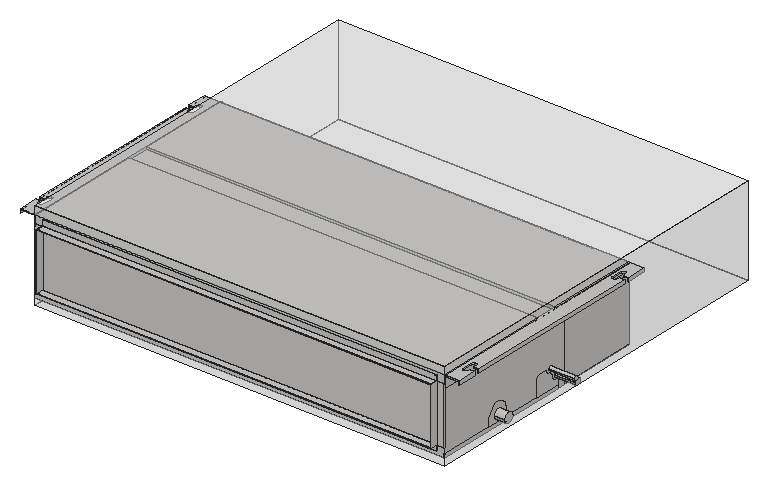
Revit family "outputfile", category 機械設備, Revit 2024
Family settings
  丸型コネクタ寸法 = 半径を使用
  パーツ タイプ = 標準
  OmniClass 番号 = 23.75.10.24.21.27.27
  OmniClass タイトル = Split System Air Conditioning Units
  作業面ベース = いいえ
  常に垂直 = はい
  ロード時にボイドで切り取り = いいえ
  注釈の向きを維持 = いいえ
  共有 = いいえ
  部屋計算ポイント = はい
Parameters (values of type "FDLF24EV2S")
  書き出し IFC クラス(タイプ) = "IfcUnitaryEquipmentType"
  定義済み IFC タイプ(タイプ) = "AIRCONDITIONINGUNIT"
  switch_frequency = yes
  ld_powersupply = Depth / 2  # 310 mm
  connector_voltage = Voltage_50Hz  # 220 V
  connector_powerinput = [Power Input (Cooling)]  # 2.230 kW
  connector_phase = Phase_50Hz  # 1
  angle_liquidpipe [instance] = if(Right Connection_refrigerant, 90.00°, 270.00°)  # 90.00°
  angle_gaspipe [instance] = if(Right Connection_refrigerant, 90.00°, 270.00°)  # 90.00°
  angle_drainpipe [instance] = if(Right Connection_refrigerant, 90.00°, 270.00°)  # 90.00°
  Right Connection_refrigerant [instance] = yes
  製造元 = "Daikin"
  モデル = "FDLF24EV2S"
  r_Liquid Pipe Size = Liquid Pipe Size / 2  # 4.75 mm
  r_Gas Pipe Size = Gas Pipe Size / 2  # 7.95 mm
  r_Drain Pipe Size = Drain Pipe Size / 2  # 12.5 mm
  lw_powersupply = 50 mm  # constant formula
  lw_ductflange2 = 1003 mm
  lw_Width = 1060 mm
  lh_suctionflange [instance] = 100 mm  # constant formula
  ld_suctionflange [instance] = if(Rear Connection_Return Air, 190.25 mm, 100.25 mm)  # 190.25 mm
  angle_vertical_RA [instance] = if(Rear Connection_Return Air, 90.00°, 0.00°)  # 90.00°
  angle horizontal_RA [instance] = if(Rear Connection_Return Air, 180.00°, 270.00°)  # 180.00°
  Voltage_comment_50Hz = "220 - 240"
  Voltage_50Hz = 220 V
  Supply Air Direction [instance] = yes
  Rear Connection_Return Air [instance] = not(Bottom Connection_Return Air)  # yes
  RA_length [instance] = if(Rear Connection_Return Air, 190.25 mm, 100 mm)  # 190.25 mm
  Phase_50Hz = 1
  Minimum External Static Pressure = 15.00 Pa
  Maximum External Static Pressure = 38.00 Pa
  Material_Casing = DAIKIN_GalvanizedSteel_Casing_indoorunit
  lw_liquidpipe = 621 mm
  lw_gaspipe = 608 mm
  lw_mountinghole = 1140 mm
  lw_drainpipe = 580 mm
  lh_powersupply = 150 mm  # constant formula
  lh_liquidpipe = 138 mm  # constant formula
  lh_gaspipe = 160 mm  # constant formula
  lh_mountinghole = Height  # 200 mm
  lh_drainpipe = 170 mm  # constant formula
  lh_antena = 1 mm  # constant formula
  ld_liquidpipe = 353 mm  # constant formula
  ld_gaspipe = 375 mm  # constant formula
  ld_mountinghole = 500 mm  # constant formula
  ld_drainpipe = 178 mm  # constant formula
  ld_controlbox = 626 mm  # constant formula
  h*** = 0 mm  # constant formula
  d_dischargeflange = 21.2 mm  # constant formula
  Width = 1100 mm
  Version = "ver.1.0"
  Unit Type = "Duct"
  Unit Mass Weight = 31.00 kg
  Unit Designation [instance] = ""
  Uniclass2015Version = "Products v1.30"
  Uniclass2015Title = "Split coil room air conditioning units"
  Uniclass2015Code = "Pr_70_65_03_86"
  Total Cooling Capacity [instance] = 0.000 kW
  Sound Pressure Level_M speed (dBA) = 37
  Sound Pressure Level_L speed (dBA) = 34
  Sound Pressure Level_H speed (dBA) = 40
  Series = "SkyAir_Fan Coil Unit"
  Sensible Cooling Capacity [instance] = 0.000 kW
  SA Duct Size Width = 1060 mm
  SA Duct Size Height = 153 mm
  Refrigerant Type = "R32"
  RA Duct Size Width = 961 mm
  RA Duct Size Height = 160 mm
  Power Input (Cooling) = 2.230 kW
  Option Accessory 3 [instance] = ""
  Option Accessory 2 [instance] = ""
  Option Accessory 1 [instance] = ""
  Nominal Cooling Capacity = 7.000 kW
  Minimum Airflow = 990.00 m³/h
  Median Airflow = 1080.00 m³/h
  Maximum Airflow = 1200.00 m³/h
  Load Classification = HVAC
  Liquid Pipe Size = 9.5 mm
  Link_Nested Family [instance] = ""
  Left Connection_refrigerant [instance] = not(Right Connection_refrigerant)  # no
  IfcVersion = ""
  IfcExportType = "AIRCONDITIONINGUNIT"
  IfcExportAs = "IfcUnitaryEquipmentType"
  Height = 200 mm
  Heat Exchanger Type = "Cross Fin Coil"
  Gas Pipe Size = 15.9 mm
  Frequency_50Hz = 50 Hz
  Fan Type = "Sirocco Fan"
  Fan Drive = "Direct Drive"
  FCU Tag No. [instance] = ""
  Drain Pipe Size = 25.0 mm
  Design Supply Airflow [instance] = 0.00 m³/h
  Design Return Airflow [instance] = 0.00 m³/h
  Design External Static Pressure [instance] = 0.00 Pa
  Depth = 620 mm
  既定の高さ = 0 mm
  Cooling Entering Wet Bulb Temperature [instance] = 0.00 °C
  Cooling Entering Dry Bulb Temperature [instance] = 0.00 °C
  Cooling Ambient Wet Bulb Temperature [instance] = 0.00 °C
  Cooling Ambient Dry Bulb Temperature [instance] = 0.00 °C
  Clearance visibility [instance] = yes
  Clearance Top = 20 mm
  Clearance Right = 0 mm
  Clearance Rear = 400 mm
  Clearance Left = 0 mm
  Clearance Front = 0 mm
  Clearance Bottom = 20 mm
  Bottom Connection_Return Air [instance] = no
Reference planes
  plane 1 "Center (Front/Back)": y = 0
  plane 2: z = 0
  plane 3 "Center (Left/Right)": x = 0
  plane 4 "Back": y = 310
  plane 5 "Front": y = -310
  plane 6 "Left": x = -550
  plane 7 "Right": x = 550
  plane 8 "Top": z = 0
  plane 9 "Bottom": z = -200
  plane 10: x = -570
  plane 11: x = 570
  plane 12: y = 250
  plane 13: z = 0
  plane 14 "Clearance Left": x = -550
  plane 15 "Clearance Right": x = 550
  plane 16 "Clearance Rear": y = 710
  plane 17 "Clearance Front": y = -310
  plane 18 "Clearance Top": z = 20
  plane 19 "Clearance Bottom": z = -220
  plane 20: y = -250
  plane 21: z = -21
  plane 22: z = -97.5
  plane 23: x = -48.5
  plane 24: y = 119.75
  plane 25: z = -100
  plane 26: y = 65
  plane 27: z = -160
  plane 28: y = 43
  plane 29: z = -138
  plane 30: y = -132
  plane 31: z = -170
  plane 32: x = 608
  plane 33: x = 621
  plane 34: x = 580
  plane 35: x = 500
  plane 36: z = -150
  plane 37: x = -580
  plane 38: x = -621
  plane 39: x = -608
Forms (mm)
  Extrusion 1, solid, material "DAIKIN_GalvanizedSteel_Casing_indoorunit" <- "Material_Casing"
    sketch origin (0, 0, 0) x (1, 0, 0) y (0, 1, 0)
      loop
        line (-550, -310) -> (550, -310) -> (550, 310) -> (-550, 310) -> (-550, -310)
    from -200 to 0
  Extrusion 2, void
    sketch origin (0, 0, 1) x (1, 0, 0) y (0, 1, 0)
      loop
        line (-550, 61.5) -> (-550, 3.5) -> (550, 3.5) -> (550, 61.5) -> (-550, 61.5)
    from -1 to -7
  Extrusion 3, solid, material "DAIKIN_GalvanizedSteel_Casing_indoorunit" <- "Material_Casing", visible <- "Bottom Connection_Return Air"
    sketch origin (0, 0, 0) x (1, 0, 0) y (0, 0, 1)
      loop
        line (452, -199.25) -> (452, -0.75) -> (-549, -0.75) -> (-549, -199.25) -> (452, -199.25)
    from -310 to -309
  Extrusion 4, solid, material "DAIKIN_GalvanizedSteel_Casing_indoorunit" <- "Material_Casing", visible <- "Rear Connection_Return Air"
    sketch origin (0, 0, 0) x (1, 0, 0) y (0, 1, 0)
      loop
        line (-549, 309) -> (-549, 110.5) -> (452, 110.5) -> (452, 309) -> (-549, 309)
    from -200 to -199
  Extrusion 5, solid, material "DAIKIN_GalvanizedSteel_Casing_indoorunit" <- "Material_Casing", visible <- "Right Connection_refrigerant"
    sketch origin (550, 0, 0) x (0, 1, 0) y (0, 0, 1)
      loop
        circle (65, -160) r 7.95
    from 0 to 58
  Extrusion 6, solid, material "DAIKIN_GalvanizedSteel_Casing_indoorunit" <- "Material_Casing", visible <- "Right Connection_refrigerant"
    sketch origin (550, 0, 0) x (0, 1, 0) y (0, 0, 1)
      loop
        circle (43, -138) r 4.75
    from 0 to 71
  Extrusion 7, solid, material "DAIKIN_GalvanizedSteel_Casing_indoorunit" <- "Material_Casing", visible <- "Right Connection_refrigerant"
    sketch origin (550, 0, 0) x (0, 1, 0) y (0, 0, 1)
      loop
        line (-310, -200) -> (70, -200) -> (70, -190) -> (-310, -190) -> (-310, -200)
    from 0 to -1
  Extrusion 8, solid, material "DAIKIN_GalvanizedSteel_Casing_indoorunit" <- "Material_Casing", visible <- "Right Connection_refrigerant"
    sketch origin (550, 0, 0) x (0, 1, 0) y (0, 0, 1)
      loop
        arc (96, -27.5) -> (93.879, -28.379) -> (93, -30.5) r 3
        line (93, -30.5) -> (93, -194.5)
        arc (93, -194.5) -> (93.879, -196.621) -> (96, -197.5) r 3
        line (96, -197.5) -> (310, -197.5) -> (310, -27.5) -> (96, -27.5)
    from 0 to -1
  Extrusion 9, solid, material "DAIKIN_GalvanizedSteel_Casing_indoorunit" <- "Material_Casing", visible <- "Right Connection_refrigerant"
    sketch origin (550, 0, 0) x (0, 1, 0) y (0, 0, 1)
      loop
        arc (-104, -170) -> (-132, -142) -> (-160, -170) r 28
        line (-160, -170) -> (-160, -190) -> (-104, -190) -> (-104, -170)
    from 0 to -1
  Extrusion 10, solid, material "DAIKIN_GalvanizedSteel_Casing_indoorunit" <- "Material_Casing", visible <- "Right Connection_refrigerant"
    sketch origin (550, 0, 0) x (0, 1, 0) y (0, 0, 1)
      loop
        line (70, -190) -> (70, -174.671)
        arc (70, -174.671) -> (54.678, -171.563) -> (49.857, -156.691) r 15.5
        line (49.857, -156.691) -> (43.472, -150.991)
        arc (43.472, -150.991) -> (34.343, -147.698) -> (30.039, -139) r 13
        line (30.039, -139) -> (2, -139)
        arc (2, -139) -> (-0.121, -139.879) -> (-1, -142) r 3
        line (-1, -142) -> (-1, -190) -> (70, -190)
    from 0 to -1
  Extrusion 11, solid, material "DAIKIN_GalvanizedSteel_Casing_indoorunit" <- "Material_Casing", visible <- "Left Connection_refrigerant"
    sketch origin (-550, 0, 0) x (0, 1, 0) y (0, 0, 1)
      loop
        line (-310, -200) -> (70, -200) -> (70, -190) -> (-310, -190) -> (-310, -200)
    from 0 to -1
  Extrusion 12, solid, material "DAIKIN_GalvanizedSteel_Casing_indoorunit" <- "Material_Casing", visible <- "Left Connection_refrigerant"
    sketch origin (-550, 0, 0) x (0, 1, 0) y (0, 0, 1)
      loop
        arc (96, -27.5) -> (93.879, -28.379) -> (93, -30.5) r 3
        line (93, -30.5) -> (93, -194.5)
        arc (93, -194.5) -> (93.879, -196.621) -> (96, -197.5) r 3
        line (96, -197.5) -> (310, -197.5) -> (310, -27.5) -> (96, -27.5)
    from 0 to -1
  Extrusion 13, solid, material "DAIKIN_GalvanizedSteel_Casing_indoorunit" <- "Material_Casing", visible <- "Left Connection_refrigerant"
    sketch origin (-550, 0, 0) x (0, 1, 0) y (0, 0, 1)
      loop
        arc (-104, -170) -> (-132, -142) -> (-160, -170) r 28
        line (-160, -170) -> (-160, -190) -> (-104, -190) -> (-104, -170)
    from 0 to -1
  Extrusion 14, solid, material "DAIKIN_GalvanizedSteel_Casing_indoorunit" <- "Material_Casing", visible <- "Left Connection_refrigerant"
    sketch origin (-550, 0, 0) x (0, 1, 0) y (0, 0, 1)
      loop
        line (70, -190) -> (70, -174.671)
        arc (70, -174.671) -> (54.678, -171.563) -> (49.857, -156.691) r 15.5
        line (49.857, -156.691) -> (43.472, -150.991)
        arc (43.472, -150.991) -> (34.343, -147.698) -> (30.039, -139) r 13
        line (30.039, -139) -> (2, -139)
        arc (2, -139) -> (-0.121, -139.879) -> (-1, -142) r 3
        line (-1, -142) -> (-1, -190) -> (70, -190)
    from 0 to -1
  Extrusion 15, solid, material "DAIKIN_GalvanizedSteel_Casing_indoorunit" <- "Material_Casing", visible <- "Left Connection_refrigerant"
    sketch origin (-550, 0, 0) x (0, 1, 0) y (0, 0, 1)
      loop
        circle (43, -138) r 4.75
    from -71 to 0
  Extrusion 16, solid, material "DAIKIN_GalvanizedSteel_Casing_indoorunit" <- "Material_Casing", visible <- "Left Connection_refrigerant"
    sketch origin (-550, 0, 0) x (0, 1, 0) y (0, 0, 1)
      loop
        circle (65, -160) r 7.95
    from -58 to 0
  Extrusion 17, solid, material "DAIKIN_GalvanizedSteel_Casing_indoorunit" <- "Material_Casing", visible <- "Left Connection_refrigerant"
    sketch origin (-550, 0, 0) x (0, 1, 0) y (0, 0, 1)
      loop
        circle (-132, -170) r 12.5
    from -30 to 0
  Extrusion 18, solid, material "DAIKIN_GalvanizedSteel_Casing_indoorunit" <- "Material_Casing", visible <- "Right Connection_refrigerant"
    sketch origin (550, 0, 0) x (0, 1, 0) y (0, 0, 1)
      loop
        circle (-132, -170) r 12.5
    from 0 to 30
Cuts and joins
  Extrusion 2 cuts Extrusion 1
Dimensions and locks
  "Height": plane 8 "Top" to plane 9 "Bottom"
  equal spacing: plane 10, plane 3 "Center (Left/Right)", plane 11
  "lw_mountinghole": plane 10 to plane 11
  equal spacing: plane 6 "Left", plane 3 "Center (Left/Right)", plane 7 "Right"
  "Width": plane 6 "Left" to plane 7 "Right"
  "Clearance Right": plane 7 "Right" to plane 15 "Clearance Right"
  "Clearance Left": plane 14 "Clearance Left" to plane 6 "Left"
  "Clearance Rear": plane 16 "Clearance Rear" to plane 4 "Back"
  "Clearance Front": plane 5 "Front" to plane 17 "Clearance Front"
  "Clearance Top": plane 18 "Clearance Top" to plane 8 "Top"
  "Clearance Bottom": plane 9 "Bottom" to plane 19 "Clearance Bottom"
  "Depth": plane 4 "Back" to plane 5 "Front"
  equal spacing: plane 4 "Back", plane 1 "Center (Front/Back)", plane 5 "Front"
  Extrusion 3 sketch curve to Extrusion 3 sketch curve = 198.5 mm
  locked: plane 20 to plane 5 "Front" at 60
  "ld_mountinghole": plane 12 to plane 20
  locked: plane 8 "Top" to plane 21 at 21
  locked: plane 23 to plane 3 "Center (Left/Right)" at 48.5
  "ld_suctionflange": plane 4 "Back" to plane 24
  "lh_suctionflange": plane 8 "Top" to plane 25
  "ld_gaspipe": plane 26 to plane 5 "Front"
  "lh_gaspipe": plane 8 "Top" to plane 27
  "ld_liquidpipe": plane 28 to plane 5 "Front"
  "lh_liquidpipe": plane 8 "Top" to plane 29
  "ld_drainpipe": plane 30 to plane 5 "Front"
  "lh_drainpipe": plane 8 "Top" to plane 31
  "lw_powersupply": plane 35 to plane 7 "Right"
  "lh_powersupply": plane 8 "Top" to plane 36
  "lw_gaspipe": plane 3 "Center (Left/Right)" to plane 32
  "lw_liquidpipe": plane 3 "Center (Left/Right)" to plane 33
  "lw_drainpipe": plane 3 "Center (Left/Right)" to plane 34
  "lw_liquidpipe": plane 38 to plane 3 "Center (Left/Right)"
  "lw_gaspipe": plane 39 to plane 3 "Center (Left/Right)"
  "lw_drainpipe": plane 37 to plane 3 "Center (Left/Right)"
  "r_Gas Pipe Size": radius of Extrusion 5 sketch curve
  "r_Liquid Pipe Size": radius of Extrusion 6 sketch curve
  "r_Liquid Pipe Size": radius of Extrusion 15 sketch curve
  "r_Gas Pipe Size": radius of Extrusion 16 sketch curve
  "r_Drain Pipe Size": radius of Extrusion 17 sketch curve
  "r_Drain Pipe Size": radius of Extrusion 18 sketch curve
  aligned and locked: level to plane 2
  aligned and locked: Extrusion 1 to plane 9 "Bottom"
  aligned and locked: plane 8 "Top" to Extrusion 1
  aligned and locked: plane 11 to nested 2
  aligned and locked: plane 10 to nested 3
  aligned and locked: plane 10 to nested 4
  aligned and locked: plane 8 "Top" to Extrusion 2
  aligned and locked: plane 9 "Bottom" to Extrusion 4  (x2)
  aligned and locked: plane 7 "Right" to cut or joined group of Extrusion 1, Extrusion 2  (x2)
  aligned and locked: plane 3 "Center (Left/Right)" to nested 9
  aligned and locked: plane 6 "Left" to nested 7
  aligned and locked: plane 8 "Top" to nested 9
  aligned and locked: plane 11 to nested 1
  aligned and locked: nested 6 to plane 1 "Center (Front/Back)"
  aligned and locked: plane 3 "Center (Left/Right)" to nested 6
  aligned and locked: level to plane 8 "Top"
  aligned and locked: plane 1 "Center (Front/Back)" to nested 9
  aligned and locked: plane 5 "Front" to nested 10
  aligned and locked: Extrusion 1 sketch curve to plane 5 "Front"
  aligned and locked: plane 21 to nested 10
  aligned and locked: nested 5 to plane 5 "Front"
  aligned and locked: plane 3 "Center (Left/Right)" to nested 5
  aligned and locked: plane 22 to nested 5
  aligned and locked: Extrusion 2 sketch curve to plane 6 "Left"
  aligned and locked: plane 7 "Right" to Extrusion 2 sketch curve
  aligned and locked: nested 11 to plane 23
  aligned and locked: nested 11 to plane 24
  aligned and locked: plane 27 to Extrusion 5 sketch curve
  aligned and locked: plane 26 to Extrusion 5 sketch curve
  aligned and locked: plane 28 to Extrusion 6 sketch curve
  aligned and locked: plane 29 to Extrusion 6 sketch curve
  aligned and locked: plane 32 to Extrusion 5
  aligned and locked: plane 33 to Extrusion 6
  aligned and locked: Extrusion 7 sketch curve to plane 9 "Bottom"
  aligned and locked: Extrusion 7 sketch curve to plane 5 "Front"
  aligned and locked: plane 14 "Clearance Left" to nested 12
  aligned and locked: plane 15 "Clearance Right" to nested 12
  aligned and locked: plane 16 "Clearance Rear" to nested 12
  aligned and locked: nested 12 to plane 17 "Clearance Front"
  aligned and locked: nested 12 to plane 18 "Clearance Top"
  aligned and locked: nested 12 to plane 19 "Clearance Bottom"
  aligned and locked: nested 13 to plane 35
  aligned and locked: nested 13 to plane 36
  aligned and locked: plane 4 "Back" to nested 13
  aligned and locked: nested 14 to plane 26
  aligned and locked: plane 3 "Center (Left/Right)" to nested 14
  aligned and locked: nested 14 to plane 27
  aligned and locked: nested 15 to plane 28
  aligned and locked: plane 3 "Center (Left/Right)" to nested 15
  aligned and locked: nested 15 to plane 29
  aligned and locked: nested 16 to plane 30
  aligned and locked: plane 3 "Center (Left/Right)" to nested 16
  aligned and locked: nested 16 to plane 31
  aligned and locked: plane 29 to Extrusion 15 sketch curve
  aligned and locked: plane 28 to Extrusion 15 sketch curve
  aligned and locked: Extrusion 15 to plane 38
  aligned and locked: plane 6 "Left" to Extrusion 15
  aligned and locked: plane 26 to Extrusion 16 sketch curve
  aligned and locked: plane 27 to Extrusion 16 sketch curve
  aligned and locked: Extrusion 16 to plane 39
  aligned and locked: plane 6 "Left" to Extrusion 16
  aligned and locked: plane 30 to Extrusion 17 sketch curve
  aligned and locked: Extrusion 17 to plane 37
  aligned and locked: plane 6 "Left" to Extrusion 17
  aligned and locked: Extrusion 5 to plane 7 "Right"
  aligned and locked: Extrusion 6 to plane 7 "Right"
  aligned and locked: plane 30 to Extrusion 18 sketch curve
  aligned and locked: plane 31 to Extrusion 18 sketch curve
  aligned and locked: plane 34 to Extrusion 18
  aligned and locked: Extrusion 18 to plane 7 "Right"
Automatic sketch dimensions
  Extrusion 1 sketch curve to plane 4 "Back" = 0 mm
  Extrusion 1 sketch curve to plane 6 "Left" = 0 mm
  Extrusion 1 sketch curve to plane 7 "Right" = 0 mm
  Extrusion 2 sketch curve to plane 1 "Center (Front/Back)" = 3.5 mm
  Extrusion 2 sketch curve to plane 26 = 3.5 mm
  plane 9 "Bottom" to Extrusion 3 sketch curve = 0.75 mm
  plane 6 "Left" to Extrusion 3 sketch curve = 1 mm
  Extrusion 3 sketch curve to plane 35 = 48 mm
  Extrusion 4 sketch curve to plane 4 "Back" = 1 mm
  plane 6 "Left" to Extrusion 4 sketch curve = 1 mm
  Extrusion 4 sketch curve to plane 35 = 48 mm
  Extrusion 4 sketch curve to plane 24 = 9.25 mm
  plane 26 to Extrusion 7 sketch curve = 5 mm
  Extrusion 7 sketch curve to Extrusion 7 sketch curve = 10 mm
  Extrusion 8 sketch curve to plane 21 = 9.5 mm
  Extrusion 8 sketch curve to plane 24 = 23.75 mm  (x2)
  plane 9 "Bottom" to Extrusion 8 sketch curve = 5.5 mm
  Extrusion 8 sketch curve to Extrusion 8 sketch curve = 3 mm
  Extrusion 9 sketch curve to plane 31 = 0 mm
  Extrusion 9 sketch curve to plane 30 = 0 mm
  plane 9 "Bottom" to Extrusion 9 sketch curve = 10 mm
  Extrusion 9 sketch curve to plane 30 = 28 mm
  Extrusion 10 sketch curve to plane 28 = 0 mm
  Extrusion 10 sketch curve to plane 26 = 0 mm
  Extrusion 10 sketch curve to plane 27 = 0 mm
  Extrusion 10 sketch curve to plane 29 = 0 mm
  Extrusion 10 sketch curve to plane 29 = 1 mm
  Extrusion 10 sketch curve to plane 28 = 12.961 mm
  Extrusion 10 sketch curve to plane 1 "Center (Front/Back)" = 2 mm
  plane 1 "Center (Front/Back)" to Extrusion 10 sketch curve = 1 mm
  plane 28 to Extrusion 10 sketch curve = 0.472 mm
  plane 27 to Extrusion 10 sketch curve = 3.309 mm
  plane 28 to Extrusion 10 sketch curve = 6.857 mm
  plane 26 to Extrusion 10 sketch curve = 5 mm
  plane 9 "Bottom" to Extrusion 10 sketch curve = 10 mm
  Extrusion 8 sketch curve to plane 4 "Back" = 0 mm
  Extrusion 17 sketch curve to plane 31 = 0 mm
  Extrusion 12 sketch curve to plane 4 "Back" = 0 mm
  plane 9 "Bottom" to Extrusion 12 sketch curve = 5.5 mm
  Extrusion 12 sketch curve to plane 24 = 23.75 mm  (x2)
  Extrusion 12 sketch curve to plane 21 = 6.5 mm
  Extrusion 12 sketch curve to Extrusion 12 sketch curve = 3 mm
  Extrusion 14 sketch curve to plane 28 = 0 mm
  Extrusion 14 sketch curve to plane 26 = 0 mm
  Extrusion 14 sketch curve to plane 27 = 0 mm
  Extrusion 14 sketch curve to plane 29 = 0 mm
  Extrusion 14 sketch curve to plane 29 = 1 mm
  Extrusion 14 sketch curve to plane 28 = 12.961 mm
  Extrusion 14 sketch curve to plane 1 "Center (Front/Back)" = 2 mm
  plane 1 "Center (Front/Back)" to Extrusion 14 sketch curve = 1 mm
  plane 28 to Extrusion 14 sketch curve = 0.472 mm
  plane 27 to Extrusion 14 sketch curve = 3.309 mm
  plane 28 to Extrusion 14 sketch curve = 6.857 mm
  plane 26 to Extrusion 14 sketch curve = 5 mm
  plane 9 "Bottom" to Extrusion 14 sketch curve = 10 mm
  Extrusion 11 sketch curve to plane 5 "Front" = 0 mm
  Extrusion 11 sketch curve to plane 9 "Bottom" = 0 mm
  plane 26 to Extrusion 11 sketch curve = 5 mm
  Extrusion 11 sketch curve to Extrusion 11 sketch curve = 10 mm
  Extrusion 13 sketch curve to plane 31 = 0 mm
  Extrusion 13 sketch curve to plane 30 = 0 mm
  plane 9 "Bottom" to Extrusion 13 sketch curve = 10 mm
  Extrusion 13 sketch curve to plane 30 = 28 mm
Nested families
  nested 1: "daikin_mountinghole" at (570, 250, -200), l_antenna <- "lh_antena", Link_Nested Family <- "Link_Nested Family", h_mountinghole <- "lh_mountinghole", type "daikin_mountinghole"
    with show yes, l_antenna 1 mm, h_mountinghole 200 mm, Link_Nested Family ""
  nested 2: "daikin_mountinghole" at (570, -250, -200), Link_Nested Family <- "Link_Nested Family", l_antenna <- "lh_antena", h_mountinghole <- "lh_mountinghole", type "daikin_mountinghole"
    with show yes, l_antenna 1 mm, h_mountinghole 200 mm, Link_Nested Family ""
  nested 3: "daikin_mountinghole" at (-570, -250, -200), l_antenna <- "lh_antena", Link_Nested Family <- "Link_Nested Family", h_mountinghole <- "lh_mountinghole", type "daikin_mountinghole"
    with show yes, l_antenna 1 mm, h_mountinghole 200 mm, Link_Nested Family ""
  nested 4: "daikin_mountinghole" at (-570, 250, -200), l_antenna <- "lh_antena", Link_Nested Family <- "Link_Nested Family", h_mountinghole <- "lh_mountinghole", type "daikin_mountinghole"
    with show yes, l_antenna 1 mm, h_mountinghole 200 mm, Link_Nested Family ""
  nested 5: "daikin_connector_rotate2" at (0, -310, -97.5), length <- "d_dischargeflange", type "daikin_connector_rotate2"
    with radius 10 mm, length 21.2 mm, angle_vertical 90.00°, show_face no
  nested 6: "daikin_△_symbolicline" at (-75, -129.904, 200) x (-0.5, 0.866, 0) z (0, 0, 1), built-in parameter 1001364 <- "Height", visible <- "Supply Air Direction", type "daikin_△_symbolicline"
    with length 300 mm
  nested 7: "daikin_ductflange_FDLF-EV2S_1" at (-48.5, 310, -100), visible <- "Rear Connection_Return Air", material <- "Material_Casing", width <- "lw_ductflange2", type "daikin_ductflange_FDLF-EV2S_1"
    with width 1003 mm, material DAIKIN_GalvanizedSteel_Casing_indoorunit, height 180 mm, depth 21.2 mm
  nested 8: "daikin_ductflange_FDLF-EV2S_1" at (-48.5, 209.75, -200) x (1, 0, 0) z (0, 1, 0), visible <- "Bottom Connection_Return Air", material <- "Material_Casing", width <- "lw_ductflange2", type "daikin_ductflange_FDLF-EV2S_1"
    with width 1003 mm, material DAIKIN_GalvanizedSteel_Casing_indoorunit, height 180 mm, depth 21.2 mm
  nested 9: "daikin_hangerfixture_FDLF-EV2S" at (0, 0, 0), type "daikin_hangerfixture_FDLF-EV2S"
    with width 1100 mm
  nested 10: "daikin_ductflange_FDLF-EV2S" at (0, 3.5, -364.201), width <- "lw_Width", material <- "Material_Casing", type "daikin_ductflange_FDLF-EV2S"
    with width 1060 mm, material DAIKIN_GalvanizedSteel_Casing_indoorunit, height 155 mm, depth 21.2 mm
  nested 11: "daikin_connector_rotate3" at (-48.5, 119.75, -100), length <- "RA_length", angle_vertical <- "angle_vertical_RA", angle_horizontal <- "angle horizontal_RA", type "daikin_connector_rotate3"
    with show no, radius 10 mm, length 190.25 mm, angle_vertical 90.00°, angle_horizontal 180.00°
  nested 12: "daikin_clearancespace" at (0, 200, -99.881), visible <- "Clearance visibility", Link_Nested Family <- "Link_Nested Family", show <- "Clearance visibility", type "daikin_clearancespace"
    with width 1100 mm, show yes, height 240 mm, depth 1020 mm, Link_Nested Family ""
  nested 13: "daikin_connector_rotate2" at (500, 0, -150) x (-1, 0, 0) z (0, 0, 1), length <- "ld_powersupply", type "daikin_connector_rotate2"
    with radius 10 mm, length 310 mm, angle_vertical 90.00°, show_face no
  nested 14: "daikin_connector_rotate3" at (0, 65, -160), angle_vertical <- "angle_gaspipe", radius <- "r_Gas Pipe Size", length <- "lw_gaspipe", type "daikin_connector_rotate3"
    with show no, radius 7.95 mm, length 608 mm, angle_vertical 90.00°, angle_horizontal 90.00°
  nested 15: "daikin_connector_rotate3" at (0, 43, -138), angle_vertical <- "angle_liquidpipe", length <- "lw_liquidpipe", radius <- "r_Liquid Pipe Size", type "daikin_connector_rotate3"
    with show no, radius 4.75 mm, length 621 mm, angle_vertical 90.00°, angle_horizontal 90.00°
  nested 16: "daikin_connector_rotate3" at (0, -132, -170), angle_vertical <- "angle_drainpipe", length <- "lw_drainpipe", radius <- "r_Drain Pipe Size", type "daikin_connector_rotate3"
    with show no, radius 12.5 mm, length 580 mm, angle_vertical 90.00°, angle_horizontal 90.00°
Connectors
  hvac at (0, -331.2, -97.5), driven by "SA Duct Size Height", driven by "SA Duct Size Width"
    settings: on nested 5, index 1, duct flow 0.00 m³/h, flow factor 0, pres drop 0.00 Pa, loss coef 0, conn angle 0.00°, conn width 1060.0 mm, conn height 153.0 mm, conn diameter 609.6 mm, duct sys type 1, conn prof type 1, flow config 0, flow direction 2, loss method 4, conn ref index -1, conn util no, is conn primary yes, conn desc "SA Duct"
  hvac at (-48.5, 310, -100), driven by "RA Duct Size Height", driven by "RA Duct Size Width"
    settings: on nested 11, index 2, duct flow 0.00 m³/h, flow factor 0, pres drop 0.00 Pa, loss coef 0, conn angle 0.00°, conn width 961.0 mm, conn height 160.0 mm, conn diameter 609.6 mm, duct sys type 2, conn prof type 1, flow config 0, flow direction 1, loss method 4, conn ref index -1, conn util no, is conn primary no, conn desc "RA Duct"
  electrical at (500, 310, -150), driven by "Load Classification", driven by "connector_powerinput", driven by "connector_phase", driven by "connector_voltage"
    settings: on nested 13, index 6, voltage 220 V, apparent load 2230 VA, apparent load phase1 0 VA, apparent load phase2 0 VA, apparent load phase3 0 VA, power factor 1, load classification "HVAC", number of poles 1, system type 30, power factor state 1, is connector primary yes, connector utility no, sub classification motor no, connector description "Power Supply"
  piping at (608, 65, -160), diameter 15.9, driven by "r_Gas Pipe Size"
    settings: on nested 14, index 7, connector inside diameter 609.6 mm, connector length 0 mm, flow factor 0, pipe flow 0.00 m³/h, pressure drop 0.0 Pa, fitting loss kfactor 0, connector angle 0.00°, fixture units 0, engagement length 0 mm, angle of deflection 0.00°, flow configuration 1, flow direction 2, fitting loss method 0, system type 29, joint type 0, gender type 0, connector reference index -1, connector utility 0, adjustable connector no, is connector primary yes, connector description "Refrigerant Gas Piping"
  piping at (621, 43, -138), diameter 9.5, driven by "r_Liquid Pipe Size"
    settings: on nested 15, index 8, connector inside diameter 609.6 mm, connector length 0 mm, flow factor 0, pipe flow 0.00 m³/h, pressure drop 0.0 Pa, fitting loss kfactor 0, connector angle 0.00°, fixture units 0, engagement length 0 mm, angle of deflection 0.00°, flow configuration 1, flow direction 1, fitting loss method 0, system type 29, joint type 0, gender type 0, connector reference index -1, connector utility 0, adjustable connector no, is connector primary no, connector description "Refrigerant Liquid Piping"
  piping at (580, -132, -170), diameter 25, driven by "r_Drain Pipe Size"
    settings: on nested 16, index 9, connector inside diameter 609.6 mm, connector length 0 mm, flow factor 0, pipe flow 0.00 m³/h, pressure drop 0.0 Pa, fitting loss kfactor 0, connector angle 0.00°, fixture units 0, engagement length 0 mm, angle of deflection 0.00°, flow configuration 1, flow direction 2, fitting loss method 4, system type 16, joint type 0, gender type 0, connector reference index -1, connector utility 0, adjustable connector no, is connector primary no, connector description "Condensate Drain Piping"
Definition of nested family "daikin_ductflange_FDLF-EV2S_1"
  Parameters (values of type "daikin_ductflange_FDLF-DV2S_1")
    width [instance] = 620 mm
    material [instance] = none
    height [instance] = 180 mm
    depth [instance] = 21.2 mm
    Default Elevation = 0 mm
  Reference planes
    plane 1 "Center (Front/Back)": y = 0
    plane 2: z = 0
    plane 3 "Center (Left/Right)": x = 0
    plane 4: x = -310
    plane 5: x = 310
    plane 6: z = 90
    plane 7: z = -90
    plane 8: z = 100.25
    plane 9: z = -100.25
    plane 10: x = -309
    plane 11: x = 309
  Forms (mm)
    Extrusion 1, solid, material <- "material"
      sketch origin (0, 0, 0) x (1, 0, 0) y (0, 0, 1)
        loop
          line (-289, 80) -> (-289, -80) -> (289, -80) -> (289, 80) -> (-289, 80)
        loop
          line (-309, -99.25) -> (309, -99.25) -> (309, 99.25) -> (-309, 99.25) -> (-309, -99.25)
      from 0 to 1
  Dimensions and locks
    equal spacing: plane 5, plane 3 "Center (Left/Right)", plane 4, locked at 310 each
    "width": plane 5 to plane 4
    plane 10 to plane 4 = 1 mm
    locked: plane 5 to plane 11 at 1
    locked: Extrusion 1 sketch curve to Extrusion 1 sketch curve at 20  (x2)
    plane 8 to Extrusion 1 sketch curve = 1 mm
    locked: Extrusion 1 sketch curve to plane 9 at 1
    aligned and locked: level to plane 2
  Automatic sketch dimensions
    plane 4 to Extrusion 1 sketch curve = 1 mm
    Extrusion 1 sketch curve to plane 5 = 1 mm
    Extrusion 1 sketch curve to plane 6 = 10 mm
    plane 7 to Extrusion 1 sketch curve = 10 mm
Definition of nested family "daikin_hangerfixture_FDLF-EV2S"
  Parameters (values of type "daikin_hangerfixture_FDLF-DV1")
    width = 900 mm
    material = none
    height = 30 mm
    depth = 620 mm
    Default Elevation = 0 mm
  Reference planes
    plane 1 "Center (Front/Back)": y = 0
    plane 2: z = 0
    plane 3 "Center (Left/Right)": x = 0
    plane 4: x = 450
    plane 5: y = 310
    plane 6: y = -310
    plane 7: x = -450
    plane 8: z = -30
  Forms (mm)
    Extrusion 1, solid, material <- "material"
      sketch origin (0, 0, 0) x (1, 0, 0) y (0, 0, 1)
        loop
          line (450, 0) -> (450, -30) -> (452.3, -30) -> (452.3, -2.3) -> (487.7, -2.3) -> (487.7, -10) -> (490, -10) -> (490, 0) -> (450, 0)
      from -310 to 310
    Extrusion 2, void
      sketch origin (0, 0, 0) x (0, 1, 0) y (0, 0, 1)
        loop
          line (310, -30) -> (310, -17.979) -> (87.935, -17.979) -> (75.914, -30) -> (310, -30)
      from -786.78 to 600.701
    Extrusion 3, void
      sketch origin (0, 0, 0) x (1, 0, 0) y (0, 1, 0)
        loop
          line (490, -244.5) -> (477, -244.5) -> (477, -238)
          arc (477, -238) -> (470, -231) -> (463, -238) r 7
          line (463, -238) -> (463, -264)
          arc (463, -264) -> (470, -271) -> (477, -264) r 7
          line (477, -264) -> (477, -257.5) -> (490, -257.5) -> (490, -244.5)
        loop
          line (490, 244.5) -> (490, 257.5) -> (477, 257.5) -> (477, 264)
          arc (477, 264) -> (470, 271) -> (463, 264) r 7
          line (463, 264) -> (463, 238)
          arc (463, 238) -> (470, 231) -> (477, 238) r 7
          line (477, 238) -> (477, 244.5) -> (490, 244.5)
      from -254.96 to 618
    Extrusion 4, solid, material <- "material"
      sketch origin (0, 0, 0) x (-1, 0, 0) y (0, 0, -1)
        loop
          line (450, 0) -> (490, 0) -> (490, 10) -> (487.7, 10) -> (487.7, 2.3) -> (452.3, 2.3) -> (452.3, 30) -> (450, 30) -> (450, 0)
      from -310 to 310
    Extrusion 5, void
      sketch origin (0, 0, 0) x (-1, 0, 0) y (0, -1, 0)
        loop
          line (490, 244.5) -> (490, 257.5) -> (477, 257.5) -> (477, 264)
          arc (477, 264) -> (470, 271) -> (463, 264) r 7
          line (463, 264) -> (463, 238)
          arc (463, 238) -> (470, 231) -> (477, 238) r 7
          line (477, 238) -> (477, 244.5) -> (490, 244.5)
        loop
          line (490, -244.5) -> (477, -244.5) -> (477, -238)
          arc (477, -238) -> (470, -231) -> (463, -238) r 7
          line (463, -238) -> (463, -264)
          arc (463, -264) -> (470, -271) -> (477, -264) r 7
          line (477, -264) -> (477, -257.5) -> (490, -257.5) -> (490, -244.5)
      from -254.96 to 618
  Cuts and joins
    Extrusion 2, Extrusion 3, Extrusion 5 cuts Extrusion 1
    Extrusion 2, Extrusion 5 cuts Extrusion 4
  Dimensions and locks
    equal spacing: plane 5, plane 1 "Center (Front/Back)", plane 6
    "depth": plane 5 to plane 6
    plane 6 to plane 1 "Center (Front/Back)" to plane 5 = 310 mm, 310 mm
    equal spacing: plane 4, plane 3 "Center (Left/Right)", plane 7
    "width": plane 4 to plane 7
    "height": level to plane 8
    aligned and locked: level to plane 2
    aligned and locked: plane 5 to Extrusion 1
    aligned and locked: Extrusion 1 to plane 6
    aligned and locked: Extrusion 1 to plane 4
    aligned and locked: plane 5 to cut or joined group of Extrusion 1, Extrusion 2, Extrusion 3, Extrusion 5
    aligned and locked: cut or joined group of Extrusion 1, Extrusion 2, Extrusion 3, Extrusion 5 to plane 6
    aligned and locked: level to cut or joined group of Extrusion 1, Extrusion 2, Extrusion 3, Extrusion 5
    aligned and locked: cut or joined group of Extrusion 1, Extrusion 2, Extrusion 3, Extrusion 5 to plane 8
    aligned and locked: plane 5 to cut or joined group of Extrusion 2, Extrusion 4, Extrusion 5
    aligned and locked: cut or joined group of Extrusion 2, Extrusion 4, Extrusion 5 to plane 6
  Automatic sketch dimensions
    Extrusion 1 sketch curve to plane 4 = 0 mm
    Extrusion 1 sketch curve to plane 8 = 0 mm
    Extrusion 1 sketch curve to level = 0 mm
    plane 4 to Extrusion 1 sketch curve = 2.3 mm
    Extrusion 1 sketch curve to level = 2.3 mm
    Extrusion 1 sketch curve to Extrusion 1 sketch curve = 35.4 mm
    Extrusion 1 sketch curve to Extrusion 1 sketch curve = 2.3 mm
    Extrusion 1 sketch curve to Extrusion 1 sketch curve = 7.7 mm
    Extrusion 2 sketch curve to plane 8 = 0 mm
    Extrusion 2 sketch curve to plane 5 = 0 mm
    plane 8 to Extrusion 2 sketch curve = 12.021 mm
    Extrusion 2 sketch curve to plane 1 "Center (Front/Back)" = 87.935 mm
    Extrusion 2 sketch curve to Extrusion 2 sketch curve = 12.021 mm
    plane 4 to Extrusion 3 sketch curve = 13 mm  (x2)
    Extrusion 3 sketch curve to Extrusion 3 sketch curve = 7 mm  (x4)
    Extrusion 3 sketch curve to Extrusion 3 sketch curve = 13 mm  (x4)
    plane 6 to Extrusion 3 sketch curve = 46 mm
    Extrusion 3 sketch curve to Extrusion 3 sketch curve = 6.5 mm  (x4)
    Extrusion 3 sketch curve to plane 5 = 72 mm
    Extrusion 4 sketch curve to plane 7 = 0 mm
    Extrusion 4 sketch curve to plane 8 = 0 mm
    Extrusion 4 sketch curve to level = 0 mm
    Extrusion 4 sketch curve to plane 7 = 2.3 mm
    Extrusion 4 sketch curve to level = 2.3 mm
    Extrusion 4 sketch curve to Extrusion 4 sketch curve = 35.4 mm
    Extrusion 4 sketch curve to Extrusion 4 sketch curve = 2.3 mm
    Extrusion 4 sketch curve to Extrusion 4 sketch curve = 7.7 mm
    Extrusion 5 sketch curve to plane 7 = 13 mm  (x2)
    Extrusion 5 sketch curve to Extrusion 5 sketch curve = 7 mm  (x4)
    Extrusion 5 sketch curve to Extrusion 5 sketch curve = 13 mm  (x4)
    Extrusion 5 sketch curve to plane 5 = 46 mm
    Extrusion 5 sketch curve to Extrusion 5 sketch curve = 6.5 mm  (x4)
    plane 6 to Extrusion 5 sketch curve = 72 mm
Definition of nested family "daikin_ductflange_FDLF-EV2S"
  Parameters (values of type "daikin_ductflange_FXDQ-NDVET")
    width [instance] = 660 mm
    material [instance] = none
    height [instance] = 155 mm
    depth [instance] = 21.2 mm
    Default Elevation = 0 mm
  Reference planes
    plane 1 "Center (Front/Back)": y = 0
    plane 2: z = 189.201
    plane 3 "Center (Left/Right)": x = 0
    plane 4: y = -313.5
    plane 5: x = -330
    plane 6: x = 330
    plane 7: y = -334.7
    plane 8: z = 344.201
    plane 9: z = 266.701
    plane 10: z = 343.201
    plane 11: z = 190.201
  Forms (mm)
    Extrusion 1, solid, material <- "material"
      sketch origin (0, 0, 189.201) x (1, 0, 0) y (0, 1, 0)
        loop
          line (-330, -334.7) -> (-330, -313.5) -> (-350, -313.5) -> (-350, -314.5) -> (-331, -314.5) -> (-331, -334.7) -> (-330, -334.7)
        loop
          line (330, -334.7) -> (331, -334.7) -> (331, -314.5) -> (350, -314.5) -> (350, -313.5) -> (330, -313.5) -> (330, -334.7)
      from 1 to 154
    Extrusion 2, solid, material <- "material"
      sketch origin (0, 0, 0) x (0, 1, 0) y (0, 0, 1)
        loop
          line (-313.5, 343.201) -> (-313.5, 358.201) -> (-314.5, 358.201) -> (-314.5, 344.201) -> (-334.7, 344.201) -> (-334.7, 343.201) -> (-313.5, 343.201)
        loop
          line (-313.5, 190.201) -> (-334.7, 190.201) -> (-334.7, 189.201) -> (-314.5, 189.201) -> (-314.5, 175.201) -> (-313.5, 175.201) -> (-313.5, 190.201)
      from -330 to 330
  Dimensions and locks
    plane 4 to plane 1 "Center (Front/Back)" = 313.5 mm
    "depth": plane 7 to plane 4
    equal spacing: plane 8, plane 9, level
    "height": plane 8 to level
    equal spacing: plane 6, plane 3 "Center (Left/Right)", plane 5
    "width": plane 6 to plane 5
    locked: plane 8 to plane 10 at 1
    locked: plane 11 to level at 1
    locked: Extrusion 1 to Extrusion 2 sketch curve at 1
    locked: Extrusion 2 sketch curve to Extrusion 1 at 1
    plane 10 to plane 11 = 153 mm
    aligned and locked: level to plane 2
    aligned and locked: Extrusion 2 to plane 5
    aligned and locked: Extrusion 2 to plane 11
    aligned and locked: Extrusion 2 to plane 10
    aligned and locked: plane 6 to Extrusion 2
    aligned and locked: plane 5 to Extrusion 2  (x2)
    aligned and locked: plane 5 to Extrusion 1  (x2)
    aligned and locked: Extrusion 1 to plane 6
    aligned and locked: plane 6 to Extrusion 1
    aligned and locked: Extrusion 1 to plane 10
  Automatic sketch dimensions
    Extrusion 2 sketch curve to plane 7 = 0 mm  (x2)
    Extrusion 2 sketch curve to plane 4 = 0 mm  (x2)
    Extrusion 2 sketch curve to plane 11 = 0 mm
    Extrusion 2 sketch curve to plane 10 = 0 mm
    Extrusion 2 sketch curve to plane 4 = 1 mm  (x2)
    Extrusion 2 sketch curve to level = 14 mm
    plane 8 to Extrusion 2 sketch curve = 14 mm
    Extrusion 1 sketch curve to plane 4 = 0 mm  (x2)
    Extrusion 1 sketch curve to plane 7 = 0 mm  (x2)
    Extrusion 1 sketch curve to plane 5 = 0 mm
    Extrusion 1 sketch curve to plane 6 = 0 mm
    Extrusion 1 sketch curve to plane 5 = 1 mm
    Extrusion 1 sketch curve to Extrusion 1 sketch curve = 19 mm  (x2)
    Extrusion 1 sketch curve to Extrusion 1 sketch curve = 1 mm
    Extrusion 1 sketch curve to plane 4 = 1 mm  (x2)
Definition of nested family "daikin_clearancespace"
  Parameters (values of type "daikin_clearancespace")
    Description = "daikin_clearancespace"
    width [instance] = 1823.963 mm
    show [instance] = yes
    material = none
    height [instance] = 1359.762 mm
    depth [instance] = 880 mm
    Default Elevation = 0 mm
    Link_Nested Family [instance] = ""
  Reference planes
    plane 1 "Center (Front/Back)": y = 0
    plane 2 "Center (Elevation)": z = -0.119
    plane 3 "Center (Left/Right)": x = 0
    plane 4: y = 440
    plane 5: y = -440
    plane 6 "Right": x = 911.982
    plane 7 "Left": x = -911.982
    plane 8 "Top": z = 679.762
    plane 9 "Bottom": z = -680
  Forms (mm)
    Extrusion 1, solid, material <- "material", visible <- "show"
      sketch origin (0, 0, 0) x (1, 0, 0) y (0, 1, 0)
        loop
          line (-911.982, 440) -> (-911.982, -440) -> (911.982, -440) -> (911.982, 440) -> (-911.982, 440)
      from -680 to 679.762
  Lines and regions (mm)
    symbolic lines, visible <- "show"
      curve 1: line (911.982, 440, 0) -> (-911.982, 440, 0)
      curve 2: line (-911.982, 440, 0) -> (-911.982, -440, 0)
      curve 3: line (-911.982, -440, 0) -> (911.982, -440, 0)
      curve 4: line (911.982, -440, 0) -> (911.982, 440, 0)
      curve 5: line (911.982, 0, 679.762) -> (-911.982, 0, 679.762)
      curve 6: line (911.982, 0, -680) -> (911.982, 0, 679.762)
      curve 7: line (-911.982, 0, -680) -> (911.982, 0, -680)
      curve 8: line (-911.982, 0, 679.762) -> (-911.982, 0, -680)
      curve 9: line (0, 440, 679.762) -> (0, -440, 679.762)
      curve 10: line (0, -440, 679.762) -> (0, -440, -680)
      curve 11: line (0, 440, -680) -> (0, 440, 679.762)
      curve 12: line (0, -440, -680) -> (0, 440, -680)
  Dimensions and locks
    "width": plane 7 "Left" to plane 6 "Right"
    "depth": plane 4 to plane 5
    "height": plane 8 "Top" to plane 9 "Bottom"
    equal spacing: plane 7 "Left", plane 3 "Center (Left/Right)", plane 6 "Right"
    equal spacing: plane 4, plane 1 "Center (Front/Back)", plane 5
    equal spacing: plane 8 "Top", plane 2 "Center (Elevation)", plane 9 "Bottom"
    aligned and locked: level to plane 2 "Center (Elevation)"
    aligned and locked: Extrusion 1 sketch curve to plane 4
    aligned and locked: plane 7 "Left" to Extrusion 1 sketch curve
    aligned and locked: Extrusion 1 sketch curve to plane 5
    aligned and locked: Extrusion 1 sketch curve to plane 6 "Right"
    aligned and locked: plane 8 "Top" to Extrusion 1
    aligned and locked: curve 1 to Extrusion 1
    aligned and locked: curve 2 to Extrusion 1
    aligned and locked: curve 3 to Extrusion 1
    aligned and locked: curve 4 to Extrusion 1
    aligned and locked: curve 5 to Extrusion 1
    aligned and locked: curve 6 to Extrusion 1
    aligned and locked: curve 7 to Extrusion 1
    aligned and locked: curve 8 to Extrusion 1
    aligned and locked: curve 9 to Extrusion 1
    aligned and locked: curve 10 to Extrusion 1
    aligned and locked: curve 11 to Extrusion 1
    aligned and locked: curve 12 to Extrusion 1
    aligned and locked: Extrusion 1 to plane 9 "Bottom"
Definition of nested family "daikin_mountinghole"
  Parameters (values of type "daikin_mountinghole")
    Default Elevation = 1219.2 mm
    Type Comments = "mountinghole"
    show [instance] = yes
    material = none
    l_centerline = 100 mm
    l_antenna [instance] = 100 mm
    h_mountinghole [instance] = 0 mm
    d_circle = 30 mm
    Link_Nested Family [instance] = ""
  Reference planes
    plane 1 "Center (Front/Back)": y = 0
    plane 2: z = 0
    plane 3 "Center (Left/Right)": x = 0
    plane 4: y = 50
    plane 5: x = -50
    plane 6: x = 50
    plane 7: y = -50
    plane 8 "h_mountinghole": z = 0
    plane 9: z = 100
  Lines and regions (mm)
    model lines, detail levels fine
      curve 1: circle (0, 0, 0) r 15 normal (0, 0, 1)
      curve 2: line (-50, 0, 0) -> (50, 0, 0)
      curve 3: line (0, 50, 0) -> (0, -50, 0)
    symbolic lines, detail levels fine
      curve 4: circle (0, 0, 0) r 15 normal (0, 0, 1)
      curve 5: line (-50, 0, 0) -> (50, 0, 0)
      curve 6: line (0, 50, 0) -> (0, -50, 0)
    model lines
      curve 7: line (0, 0, 100) -> (0, 0, 0)
  Dimensions and locks
    equal spacing: plane 4, plane 1 "Center (Front/Back)", plane 7
    "l_centerline": plane 4 to plane 7
    equal spacing: plane 5, plane 3 "Center (Left/Right)", plane 6
    "l_centerline": plane 5 to plane 6
    "l_antenna": plane 9 to plane 8 "h_mountinghole"
    "h_mountinghole": plane 8 "h_mountinghole" to plane 2
    "d_circle": diameter of curve 1
    "d_circle": diameter of curve 4
    aligned and locked: level to plane 2
    aligned and locked: plane 1 "Center (Front/Back)" to curve 1
    aligned and locked: plane 3 "Center (Left/Right)" to curve 1
    aligned and locked: plane 1 "Center (Front/Back)" to curve 2
    aligned and locked: curve 3 to plane 3 "Center (Left/Right)"
    aligned and locked: plane 6 to curve 2
    aligned and locked: plane 5 to curve 2
    aligned and locked: plane 4 to curve 3
    aligned and locked: plane 7 to curve 3
    aligned and locked: plane 1 "Center (Front/Back)" to curve 4
    aligned and locked: plane 3 "Center (Left/Right)" to curve 4
    aligned and locked: plane 6 to curve 5
    aligned and locked: plane 5 to curve 5
    aligned and locked: plane 1 "Center (Front/Back)" to curve 5
    aligned and locked: plane 4 to curve 6
    aligned and locked: plane 7 to curve 6
    aligned and locked: curve 6 to plane 3 "Center (Left/Right)"
    aligned and locked: curve 7 to plane 3 "Center (Left/Right)"
    aligned and locked: plane 9 to curve 7
    aligned and locked: plane 8 "h_mountinghole" to curve 7
Definition of nested family "daikin_connector_rotate2"
  Parameters (values of type "daikin_connector_rotate2")
    show_face = yes
    radius [instance] = 10 mm
    length [instance] = 600 mm
    d_surface = 10 mm
    angle_vertical [instance] = 90.00°
    Default Elevation = 0 mm
  Reference planes
    plane 1 "Center (Front/Back)": y = 0
    plane 2: z = 0
    plane 3 "Center (Left/Right)": x = 0
  Forms (mm)
    Extrusion 1, solid, visible <- "show_face"
      sketch origin (0, -600, 0) x (1, 0, 0) y (0, 0, 1)
        loop
          circle (0, 0) r 10
      from 0 to -10
  Lines and regions (mm)
    reference lines
      curve 1: line (0, 0, 0) -> (0, -600, 0)
    symbolic lines
      curve 2: circle (0, 0, 0) r 5 normal (0, 0, 1)
    model lines, visible <- "show_face"
      curve 3: line (0, 0, 0) -> (0, -600, 0)
  Dimensions and locks
    "length": curve 1 to curve 1
    "length": curve 3 to curve 3
    "d_surface": Extrusion 1 to Extrusion 1
    "radius": radius of Extrusion 1 sketch curve
    "angle_vertical": angle curve 1 to plane 1 "Center (Front/Back)"
    "angle_vertical": angle curve 3 to plane 1 "Center (Front/Back)"
    aligned and locked: level to plane 2
    aligned and locked: plane 1 "Center (Front/Back)" to curve 1
    aligned and locked: plane 2 to curve 1
    aligned and locked: plane 1 "Center (Front/Back)" to curve 2
    aligned and locked: plane 3 "Center (Left/Right)" to curve 2
    aligned and locked: plane 1 "Center (Front/Back)" to curve 3
    aligned and locked: plane 2 to curve 3
    aligned and locked: Extrusion 1 to Extrusion 1
  Automatic sketch dimensions
    Extrusion 1 sketch curve to level = 0 mm
    Extrusion 1 sketch curve to plane 3 "Center (Left/Right)" = 0 mm
    radius of curve 2 = 5 mm
Definition of nested family "daikin_△_symbolicline"
  Parameters (values of type "daikin_△_symbolicline")
    length [instance] = 500 mm
    Default Elevation = 0 mm
  Reference planes
    plane 1 "Center (Front/Back)": y = 0
    plane 2: z = 0
    plane 3 "Center (Left/Right)": x = 0
  Lines and regions (mm)
    symbolic lines
      curve 1: line (0, -433.013, 0) -> (250, 0, 0)
      curve 2: line (250, 0, 0) -> (-250, 0, 0)
      curve 3: line (-250, 0, 0) -> (0, -433.013, 0)
  Dimensions and locks
    equal spacing: curve 3, plane 3 "Center (Left/Right)", curve 2
    "length": curve 3 to curve 2
    "length": curve 3 to curve 3
    "length": curve 1 to curve 1
    aligned and locked: level to plane 2
    aligned and locked: curve 2 to plane 1 "Center (Front/Back)"
    aligned and locked: plane 3 "Center (Left/Right)" to curve 3
Definition of nested family "daikin_connector_rotate3"
  Parameters (values of type "daikin_connector_rotate3")
    Default Elevation = 1219.2 mm
    show [instance] = yes
    radius [instance] = 10 mm
    length [instance] = 600 mm
    angle_horizontal [instance] = 60.00°
    angle_vertical [instance] = 90.00°
  Reference planes
    plane 1 "Center (Front/Back)": y = 0
    plane 2: z = 0
    plane 3 "Center (Left/Right)": x = 0
  Dimensions and locks
    "angle_horizontal": angle plane 3 "Center (Left/Right)" to nested 1
    aligned and locked: level to plane 2
    aligned and locked: plane 1 "Center (Front/Back)" to nested 1  (x2)
    aligned and locked: plane 3 "Center (Left/Right)" to nested 1
  Nested families
    nested 1: "daikin_connector_rotate2" at (0, 0, 0) x (0.5, 0.866, 0) z (0, 0, 1), angle_vertical <- "angle_vertical", length <- "length", radius <- "radius", type "daikin_connector_rotate2"
      with radius 10 mm, length 600 mm, angle_vertical 90.00°
  Definition of nested family "daikin_connector_rotate2"
    Parameters (values of type "daikin_connector_rotate2")
      show_face = yes
      radius [instance] = 10 mm
      length [instance] = 600 mm
      d_surface = 10 mm
      angle_vertical [instance] = 90.00°
      Default Elevation = 0 mm
    Reference planes
      plane 1 "Center (Front/Back)": y = 0
      plane 2: z = 0
      plane 3 "Center (Left/Right)": x = 0
    Forms (mm)
      Extrusion 1, solid, visible <- "show_face"
        sketch origin (0, -600, 0) x (1, 0, 0) y (0, 0, 1)
          loop
            circle (0, 0) r 10
        from 0 to -10
    Lines and regions (mm)
      reference lines
        curve 1: line (0, 0, 0) -> (0, -600, 0)
      symbolic lines
        curve 2: circle (0, 0, 0) r 5 normal (0, 0, 1)
      model lines, visible <- "show_face"
        curve 3: line (0, 0, 0) -> (0, -600, 0)
    Dimensions and locks
      "length": curve 1 to curve 1
      "length": curve 3 to curve 3
      "d_surface": Extrusion 1 to Extrusion 1
      "radius": radius of Extrusion 1 sketch curve
      "angle_vertical": angle curve 1 to plane 1 "Center (Front/Back)"
      "angle_vertical": angle curve 3 to plane 1 "Center (Front/Back)"
      aligned and locked: level to plane 2
      aligned and locked: plane 1 "Center (Front/Back)" to curve 1
      aligned and locked: plane 2 to curve 1
      aligned and locked: plane 1 "Center (Front/Back)" to curve 2
      aligned and locked: plane 3 "Center (Left/Right)" to curve 2
      aligned and locked: plane 1 "Center (Front/Back)" to curve 3
      aligned and locked: plane 2 to curve 3
      aligned and locked: Extrusion 1 to Extrusion 1
    Automatic sketch dimensions
      Extrusion 1 sketch curve to level = 0 mm
      Extrusion 1 sketch curve to plane 3 "Center (Left/Right)" = 0 mm
      radius of curve 2 = 5 mm
